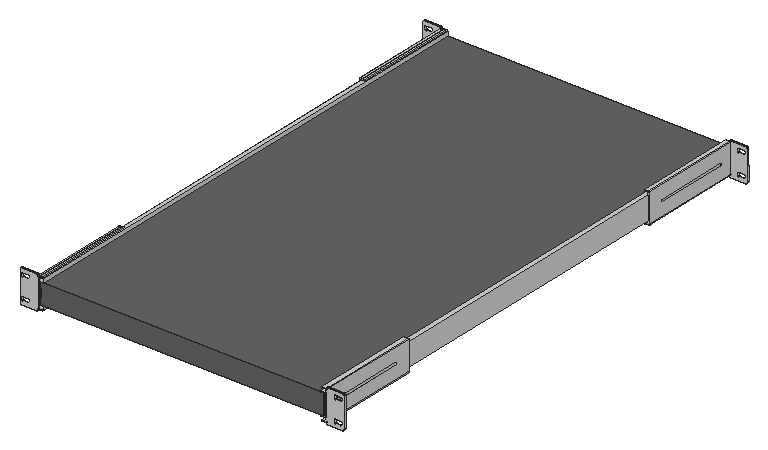
Revit family "Eurolan_Полка выдвижная до 30 кг", category Устройства связи, Revit 2019
Family settings
  Сохранять ориентацию аннотаций = Нет
  Размер круглого соединителя = Использовать диаметр
  Тип детали = Нормальный
  На основе рабочей плоскости = Нет
  Всегда вертикально = Да
  При загрузке вырезать с полостями = Нет
  Общий = Нет
  Точка расчета площади = Нет
Parameters (values of type "Полка выдвижная до 30 кг_750 мм")
  Выбор_графики = Полка выдвижная : 750
  ADSK_Примечание = ""
  ADSK_Позиция = ""
  ADSK_Наименование краткое = "Полка выдвижная до 30 кг"
  ADSK_Наименование = "Полка выдвижная до 30 кг, 750 мм"
  ADSK_Материал = Черный антрацит
  ADSK_Масса = 6.3
  ADSK_Марка = "30"
  ADSK_Количество = 1  # constant formula
  ADSK_Код изделия = "60A-03-75-11BL"
  ADSK_Завод-изготовитель = "Eurolan"  # constant formula
  ADSK_Единица измерения = "шт"  # constant formula
Types (6, lengths in mm): name | Выбор_графики | ADSK_Наименование | ADSK_Масса | ADSK_Код изделия
  (no name) | Полка выдвижная : 750 | "Полка выдвижная до 30 кг, 750 мм" | 6.3 | "60A-03-75-11BL"
  Полка выдвижная до 30 кг_450 мм | Полка выдвижная : 450 | "Полка выдвижная до 30 кг, 450 мм" | 4 | "60A-03-45-11BL"
  Полка выдвижная до 30 кг_580 мм | Полка выдвижная : 580 | "Полка выдвижная до 30 кг, 580 мм" | 5 | "60A-03-58-11BL"
  Полка выдвижная до 30 кг_750 мм | Полка выдвижная : 750 | "Полка выдвижная до 30 кг, 750 мм" | 6.3 | "60A-03-75-11BL"
  Полка выдвижная до 30 кг_620 мм | Полка выдвижная : 620 | "Полка выдвижная до 30 кг, 620 мм" | 5.2 | "60A-03-62-11BL"
  Полка выдвижная до 30 кг_1000 мм | Полка выдвижная : 1000 | "Полка выдвижная до 30 кг, 1000 мм" | 8.2 | "60A-03-1A-11BL"
Reference planes
  plane 1 "По центру (Вперед/Назад)": y = 0
  plane 2: z = 0
  plane 3 "По центру (Влево/Вправо)": x = 0
Dimensions and locks
  aligned and locked: level to plane 2
Nested families
  nested 1: "Полка выдвижная" at (0, 0, 0), type <- "Выбор_графики", type "750"
Definition of nested family "Полка выдвижная"
  Parameters (values of type "390")
    Ширина_2 = 481.8 mm  # constant formula
    Ширина = 420 mm  # constant formula
    Центровка_отверстие = 465 mm  # constant formula
    Глубина = 390 mm
    Высота_2 = 49 mm  # constant formula
    Высота_1 = 30.5 mm  # constant formula
    ADSK_Материал = none
  Types (7, lengths in mm): name | Глубина
    (no name) | 390
    390 | 390
    450 | 450
    620 | 620
    580 | 580
    750 | 750
    1000 | 1000
  Reference planes
    plane 1 "По центру (Вперед/Назад)": y = 0
    plane 2: z = -0.058
    plane 3 "По центру (Влево/Вправо)": x = 0
    plane 4: x = -210
    plane 5: x = 210
    plane 6: z = 15.192
    plane 7: z = -15.308
    plane 8: y = 390
    plane 9: x = -240.9
    plane 10: x = 240.9
    plane 11: z = 24.5
    plane 12: z = -24.5
  Forms (mm)
    Extrusion 1, void
      sketch origin (0, 0, 0) x (1, 0, 0) y (0, 1, 0)
        loop
          line (-208.5, 388.5) -> (-208.5, 1.5) -> (208.5, 1.5) -> (208.5, 388.5) -> (-208.5, 388.5)
      from -15.308 to 13.695
    Extrusion 2, solid, material <- "ADSK_Материал", detail levels fine
      sketch origin (0, 0, 0) x (1, 0, 0) y (0, 1, 0)
        loop
          line (-210, 390) -> (-210, 0) -> (210, 0) -> (210, 390) -> (-210, 390)
      from -15.308 to 15.192
    Extrusion 3, solid, detail levels fine
      sketch origin (0, 0, 0) x (1, 0, 0) y (0, 0, 1)
        loop
          line (-206.236, 15.827) -> (-206.236, 20.827) -> (-211.926, 20.827)
          arc (-211.926, 20.827) -> (-212.634, 20.534) -> (-212.926, 19.827) r 1
          line (-212.926, 19.827) -> (-212.926, -19.738)
          arc (-212.926, -19.738) -> (-212.634, -20.445) -> (-211.926, -20.738) r 1
          line (-211.926, -20.738) -> (-206.236, -20.738) -> (-206.236, -15.738) -> (-211.816, -15.738) -> (-211.816, -6.28) -> (-210.789, -6.28) -> (-210.789, 5.827) -> (-211.816, 5.827) -> (-211.816, 15.827) -> (-210.444, 15.827) -> (-206.236, 15.827)
      from -390 to 0
    Extrusion 4, solid, detail levels fine
      sketch origin (0, 0, 0) x (-1, 0, 0) y (0, 0, -1)
        loop
          line (-206.236, -15.827) -> (-210.444, -15.827) -> (-211.816, -15.827) -> (-211.816, -5.827) -> (-210.789, -5.827) -> (-210.789, 6.28) -> (-211.816, 6.28) -> (-211.816, 15.738) -> (-206.236, 15.738) -> (-206.236, 16.738) -> (-212.926, 16.738) -> (-212.926, -16.827) -> (-206.236, -16.827) -> (-206.236, -15.827)
      from -390 to 0
    Extrusion 5, solid, material <- "ADSK_Материал", detail levels coarse
      sketch origin (0, 0, 0) x (1, 0, 0) y (0, 1, 0)
        loop
          line (-240.866, 390) -> (-240.866, 0) -> (240.866, 0) -> (240.866, 390) -> (-240.866, 390)
      from -24.5 to 24.5
    Extrusion 6, solid, material <- "ADSK_Материал", detail levels medium
      sketch origin (0, 0, 0) x (1, 0, 0) y (0, 1, 0)
        loop
          line (-210, 390) -> (-210, 0) -> (210, 0) -> (210, 390) -> (-210, 390)
      from -15.308 to 15.192
    Extrusion 7, solid, material <- "ADSK_Материал", detail levels medium
      sketch origin (0, 0, 0) x (1, 0, 0) y (0, 1, 0)
        loop
          line (-212.926, 390) -> (-212.926, 0) -> (-206.236, 0) -> (-206.236, 390) -> (-212.926, 390)
      from -20.738 to 20.827
    Extrusion 8, solid, material <- "ADSK_Материал", detail levels medium
      sketch origin (0, 0, 0) x (-1, 0, 0) y (0, -1, 0)
        loop
          line (-212.926, -390) -> (-206.236, -390) -> (-206.236, 0) -> (-212.926, 0) -> (-212.926, -390)
      from -20.738 to 20.827
    Extrusion 9, solid, material <- "ADSK_Материал", detail levels medium
      sketch origin (0, 0, 0) x (1, 0, 0) y (0, 1, 0)
        loop
          line (-241.163, 1.5) -> (-241.163, 0) -> (-212.926, 0) -> (-212.926, 1.5) -> (-241.163, 1.5)
      from -24.5 to 24.5
    Extrusion 10, solid, material <- "ADSK_Материал", detail levels medium
      sketch origin (0, 390, 0) x (1, 0, 0) y (0, 1, 0)
        loop
          line (-241.163, -1.5) -> (-212.926, -1.5) -> (-212.926, 0) -> (-241.163, 0) -> (-241.163, -1.5)
      from -24.5 to 24.5
    Extrusion 11, solid, material <- "ADSK_Материал", detail levels medium
      sketch origin (0, 390, 0) x (-1, 0, 0) y (0, -1, 0)
        loop
          line (-241.163, 1.5) -> (-241.163, 0) -> (-212.926, 0) -> (-212.926, 1.5) -> (-241.163, 1.5)
      from -24.5 to 24.5
    Extrusion 12, solid, material <- "ADSK_Материал", detail levels medium
      sketch origin (0, 0, 0) x (-1, 0, 0) y (0, -1, 0)
        loop
          line (-241.163, -1.5) -> (-212.926, -1.5) -> (-212.926, 0) -> (-241.163, 0) -> (-241.163, -1.5)
      from -24.5 to 24.5
  Cuts and joins
    Extrusion 1 cuts Extrusion 2
    joined: Extrusion 6, Extrusion 7, Extrusion 8, Extrusion 9, Extrusion 10, Extrusion 11, Extrusion 12
  Lines and regions (mm)
    model lines, detail levels fine
      curve 1: line (-232.5, 0, 17.884) -> (-232.5, 0, 13.884)
      curve 2: line (-234.466, 0, 15.884) -> (-230.466, 0, 15.884)
      curve 3: line (-232.5, 0, -17.884) -> (-232.5, 0, -13.884)
      curve 4: line (-234.466, 0, -15.884) -> (-230.466, 0, -15.884)
      curve 5: line (232.5, 0, 17.884) -> (232.5, 0, 13.884)
      curve 6: line (234.466, 0, 15.884) -> (230.466, 0, 15.884)
      curve 7: line (232.5, 0, -17.884) -> (232.5, 0, -13.884)
      curve 8: line (234.466, 0, -15.884) -> (230.466, 0, -15.884)
  Dimensions and locks
    equal spacing: plane 4, plane 3 "По центру (Влево/Вправо)", plane 5
    "Ширина": plane 4 to plane 5
    equal spacing: plane 6, plane 2, plane 7
    "Высота_1": plane 6 to plane 7
    "Глубина": plane 8 to plane 1 "По центру (Вперед/Назад)"
    plane 5 to plane 4 = 420 mm
    locked: Extrusion 2 to Extrusion 1 at 1.497
    equal spacing: plane 10, plane 3 "По центру (Влево/Вправо)", plane 9
    "Ширина_2": plane 10 to plane 9
    equal spacing: plane 11, level, plane 12
    "Высота_2": plane 11 to plane 12
    equal spacing: curve 7, plane 3 "По центру (Влево/Вправо)", curve 3
    curve 7 to curve 3 = 465 mm
    aligned and locked: level to plane 2
    aligned and locked: Extrusion 2 to plane 7
    aligned and locked: Extrusion 1 to plane 7
    aligned and locked: plane 6 to Extrusion 2
    aligned and locked: plane 8 to Extrusion 3
    aligned and locked: plane 1 "По центру (Вперед/Назад)" to Extrusion 3
    aligned and locked: plane 1 "По центру (Вперед/Назад)" to Extrusion 4
    aligned and locked: plane 8 to Extrusion 4
    aligned and locked: plane 8 to nested 3
    aligned and locked: nested 4 to plane 8
    aligned and locked: Extrusion 5 to plane 11
    aligned and locked: plane 12 to Extrusion 5
    aligned and locked: Extrusion 6 to plane 7
    aligned and locked: plane 8 to Extrusion 5
    aligned and locked: plane 1 "По центру (Вперед/Назад)" to Extrusion 5
    aligned and locked: plane 8 to Extrusion 6
    aligned and locked: plane 1 "По центру (Вперед/Назад)" to Extrusion 6
    aligned and locked: plane 5 to Extrusion 6
    aligned and locked: plane 1 "По центру (Вперед/Назад)" to Extrusion 7
    aligned and locked: plane 8 to Extrusion 7
    aligned and locked: plane 12 to Extrusion 9
    aligned and locked: plane 11 to Extrusion 9
    aligned and locked: plane 8 to Extrusion 10
    aligned and locked: plane 8 to Extrusion 11
  Automatic sketch dimensions
    curve 7 to plane 7 = 2.576 mm
    curve 1 to plane 6 = 1.308 mm
    plane 9 to curve 1 = 8.4 mm
    curve 4 to plane 7 = 0.576 mm
    curve 4 to curve 3 = 1.966 mm
    plane 6 to curve 2 = 0.692 mm
    curve 2 to curve 1 = 1.966 mm
    curve 3 to curve 4 = 2.034 mm
    curve 1 to curve 2 = 2.034 mm
    curve 8 to plane 7 = 0.576 mm
    curve 8 to curve 7 = 2.034 mm
    plane 6 to curve 6 = 0.692 mm
    plane 10 to curve 6 = 10.434 mm
    curve 5 to plane 6 = 1.308 mm
    curve 6 to curve 5 = 2.034 mm
    curve 7 to curve 8 = 1.966 mm
    curve 5 to curve 6 = 1.966 mm
    curve 3 to plane 7 = 2.576 mm
    plane 7 to curve 7 = 1.424 mm
    plane 7 to curve 3 = 1.424 mm
    plane 6 to curve 5 = 2.692 mm
    plane 6 to curve 1 = 2.692 mm
    plane 4 to Extrusion 1 sketch curve = 1.5 mm
    Extrusion 1 sketch curve to plane 5 = 1.5 mm
    Extrusion 1 sketch curve to plane 1 "По центру (Вперед/Назад)" = 1.5 mm
    Extrusion 1 sketch curve to plane 8 = 1.5 mm
    plane 1 "По центру (Вперед/Назад)" to Extrusion 2 sketch curve = 0 mm
    Extrusion 2 sketch curve to plane 4 = 0 mm
    Extrusion 2 sketch curve to plane 5 = 0 mm
    Extrusion 2 sketch curve to plane 8 = 0 mm
    Extrusion 3 sketch curve to plane 4 = 2.926 mm
    Extrusion 3 sketch curve to Extrusion 3 sketch curve = 1 mm  (x2)
    Extrusion 3 sketch curve to plane 7 = 0.43 mm
    Extrusion 3 sketch curve to plane 4 = 1.816 mm  (x2)
    Extrusion 3 sketch curve to plane 4 = 0.789 mm
    Extrusion 3 sketch curve to plane 4 = 0.444 mm
    plane 6 to Extrusion 3 sketch curve = 0.635 mm
    plane 4 to Extrusion 3 sketch curve = 3.764 mm  (x2)
    Extrusion 3 sketch curve to Extrusion 3 sketch curve = 4 mm  (x2)
    Extrusion 3 sketch curve to plane 2 = 6.222 mm
    level to Extrusion 3 sketch curve = 5.827 mm
    plane 7 to Extrusion 4 sketch curve = 1.43 mm
    Extrusion 4 sketch curve to plane 5 = 2.926 mm
    Extrusion 4 sketch curve to plane 5 = 1.816 mm
    Extrusion 4 sketch curve to plane 6 = 0.635 mm
    Extrusion 4 sketch curve to Extrusion 4 sketch curve = 1.111 mm
    Extrusion 4 sketch curve to plane 5 = 0.789 mm
    Extrusion 4 sketch curve to plane 5 = 0.444 mm
    plane 7 to Extrusion 4 sketch curve = 0.43 mm
    plane 5 to Extrusion 4 sketch curve = 3.764 mm  (x2)
    Extrusion 4 sketch curve to plane 6 = 1.635 mm
    plane 2 to Extrusion 4 sketch curve = 6.222 mm
    Extrusion 4 sketch curve to level = 5.827 mm
    plane 1 "По центру (Вперед/Назад)" to Extrusion 5 sketch curve = 0 mm
    Extrusion 5 sketch curve to plane 8 = 0 mm
    plane 9 to Extrusion 5 sketch curve = 0.034 mm
    plane 10 to Extrusion 5 sketch curve = 0.034 mm
    plane 1 "По центру (Вперед/Назад)" to Extrusion 6 sketch curve = 0 mm
    Extrusion 6 sketch curve to plane 4 = 0 mm
    Extrusion 6 sketch curve to plane 5 = 0 mm
    Extrusion 6 sketch curve to plane 8 = 0 mm
    plane 1 "По центру (Вперед/Назад)" to Extrusion 7 sketch curve = 0 mm
    Extrusion 7 sketch curve to plane 8 = 0 mm
    Extrusion 7 sketch curve to plane 4 = 2.926 mm
    plane 4 to Extrusion 7 sketch curve = 3.764 mm
    plane 1 "По центру (Вперед/Назад)" to Extrusion 8 sketch curve = 0 mm
    Extrusion 8 sketch curve to plane 8 = 0 mm
    Extrusion 8 sketch curve to plane 5 = 2.926 mm
    plane 5 to Extrusion 8 sketch curve = 3.764 mm
    plane 1 "По центру (Вперед/Назад)" to Extrusion 9 sketch curve = 0 mm
    Extrusion 9 sketch curve to plane 9 = 0.263 mm
    Extrusion 9 sketch curve to plane 4 = 2.926 mm
    Extrusion 9 sketch curve to Extrusion 9 sketch curve = 1.5 mm
    Extrusion 10 sketch curve to plane 8 = 0 mm
    plane 9 to Extrusion 10 sketch curve = 0.263 mm
    plane 4 to Extrusion 10 sketch curve = 2.926 mm
    plane 8 to Extrusion 10 sketch curve = 1.5 mm
    Extrusion 11 sketch curve to plane 8 = 0 mm
    Extrusion 11 sketch curve to plane 10 = 0.263 mm
    plane 5 to Extrusion 11 sketch curve = 2.926 mm
    Extrusion 11 sketch curve to plane 8 = 1.5 mm
    plane 1 "По центру (Вперед/Назад)" to Extrusion 12 sketch curve = 0 mm
    plane 10 to Extrusion 12 sketch curve = 0.263 mm
    Extrusion 12 sketch curve to plane 5 = 2.926 mm
    plane 1 "По центру (Вперед/Назад)" to Extrusion 12 sketch curve = 1.5 mm
  Nested families
    nested 1: "Уши_для_выд._полки" at (-231.153, 1.5, 0), type "Уши_для_выд._полки", detail levels fine
    nested 2: "Уши_для_выд._полки" at (231.153, 1.5, 0) x (-1, 0, 0) z (0, 0, 1), type "Уши_для_выд._полки", detail levels fine
    nested 3: "Уши_для_выд._полки" at (231.153, 388.5, 0) x (-1, 0, 0) z (0, 0, 1), type "Уши_для_выд._полки", detail levels fine
    nested 4: "Уши_для_выд._полки" at (-231.153, 388.5, 0), type "Уши_для_выд._полки", detail levels fine
  Definition of nested family "Уши_для_выд._полки"
    Parameters (values of type "Уши_для_выд._полки")
      Глубина = 150 mm
      ADSK_Материал = none
    Reference planes
      plane 1 "По центру (Вперед/Назад)": y = 0
      plane 2: z = 0
      plane 3 "По центру (Влево/Вправо)": x = 0
    Forms (mm)
      Extrusion 1, solid, material <- "ADSK_Материал", detail levels fine
        sketch origin (0, 0, 0) x (1, 0, 0) y (0, 0, 1)
          loop
            line (-9.713, 22.5) -> (-9.713, -22.5)
            arc (-9.713, -22.5) -> (-9.127, -23.914) -> (-7.713, -24.5) r 2
            line (-7.713, -24.5) -> (14.974, -24.5)
            arc (14.974, -24.5) -> (15.681, -24.207) -> (15.974, -23.5) r 1
            line (15.974, -23.5) -> (15.974, 23.5)
            arc (15.974, 23.5) -> (15.681, 24.207) -> (14.974, 24.5) r 1
            line (14.974, 24.5) -> (-7.713, 24.5)
            arc (-7.713, 24.5) -> (-9.127, 23.914) -> (-9.713, 22.5) r 2
          loop
            arc (-4.513, -12.684) -> (-7.713, -15.884) -> (-4.513, -19.084) r 3.2
            line (-4.513, -19.084) -> (1.887, -19.084)
            arc (1.887, -19.084) -> (5.087, -15.884) -> (1.887, -12.684) r 3.2
            line (1.887, -12.684) -> (-4.513, -12.684)
          loop
            arc (-4.513, 19.084) -> (-7.713, 15.884) -> (-4.513, 12.684) r 3.2
            line (-4.513, 12.684) -> (1.887, 12.684)
            arc (1.887, 12.684) -> (5.087, 15.884) -> (1.887, 19.084) r 3.2
            line (1.887, 19.084) -> (-4.513, 19.084)
        from 0 to 1.5
      Extrusion 2, solid, material <- "ADSK_Материал", detail levels fine
        sketch origin (0, 0, 0) x (1, 0, 0) y (0, 0, 1)
          loop
            line (15.974, 21.552) -> (15.974, -21.552)
            arc (15.974, -21.552) -> (16.267, -22.259) -> (16.974, -22.552) r 1
            line (16.974, -22.552) -> (23.531, -22.552) -> (23.531, -21.255) -> (18.739, -21.255)
            arc (18.739, -21.255) -> (18.032, -20.962) -> (17.739, -20.255) r 1
            line (17.739, -20.255) -> (17.739, 20.255)
            arc (17.739, 20.255) -> (18.032, 20.962) -> (18.739, 21.255) r 1
            line (18.739, 21.255) -> (23.531, 21.255) -> (23.531, 22.552) -> (16.974, 22.552)
            arc (16.974, 22.552) -> (16.267, 22.259) -> (15.974, 21.552) r 1
        from -150 to 1.5
      Extrusion 3, void
        sketch origin (0, 0, 0) x (0, 1, 0) y (0, 0, 1)
          loop
            line (15.728, 2.5) -> (15.728, -2.5) -> (128.32, -2.5) -> (128.32, 2.5) -> (15.728, 2.5)
        from 15.974 to 17.739
    Cuts and joins
      Extrusion 3 cuts Extrusion 1
      Extrusion 3 cuts Extrusion 2
      joined: Extrusion 1, Extrusion 2
    Dimensions and locks
      "Глубина": cut or joined group of Extrusion 1, Extrusion 2, Extrusion 3 to plane 1 "По центру (Вперед/Назад)"
      aligned and locked: level to plane 2
      aligned and locked: Extrusion 3 to Extrusion 1
      aligned and locked: Extrusion 2 to Extrusion 3
    Automatic sketch dimensions
      Extrusion 1 sketch curve to plane 3 "По центру (Влево/Вправо)" = 9.713 mm
      Extrusion 1 sketch curve to Extrusion 1 sketch curve = 2 mm  (x2)
      Extrusion 1 sketch curve to plane 3 "По центру (Влево/Вправо)" = 4.513 mm  (x2)
      plane 3 "По центру (Влево/Вправо)" to Extrusion 1 sketch curve = 1.887 mm  (x2)
      Extrusion 1 sketch curve to Extrusion 1 sketch curve = 13.087 mm  (x2)
      Extrusion 1 sketch curve to Extrusion 1 sketch curve = 1 mm
      Extrusion 1 sketch curve to level = 24.5 mm
      Extrusion 1 sketch curve to Extrusion 1 sketch curve = 3.416 mm  (x2)
      Extrusion 1 sketch curve to Extrusion 1 sketch curve = 3.2 mm  (x2)
      level to Extrusion 1 sketch curve = 12.684 mm
      plane 3 "По центру (Влево/Вправо)" to Extrusion 2 sketch curve = 15.974 mm
      Extrusion 2 sketch curve to Extrusion 2 sketch curve = 1 mm  (x4)
      Extrusion 2 sketch curve to Extrusion 2 sketch curve = 0.765 mm
      Extrusion 2 sketch curve to Extrusion 2 sketch curve = 4.792 mm  (x2)
      Extrusion 2 sketch curve to level = 22.552 mm
      Extrusion 2 sketch curve to Extrusion 2 sketch curve = 1.296 mm  (x2)
      level to Extrusion 2 sketch curve = 20.255 mm
      Extrusion 3 sketch curve to level = 2.5 mm
      Extrusion 3 sketch curve to plane 1 "По центру (Вперед/Назад)" = 15.728 mm
      Extrusion 3 sketch curve to Extrusion 3 sketch curve = 112.592 mm
      level to Extrusion 3 sketch curve = 2.5 mm
